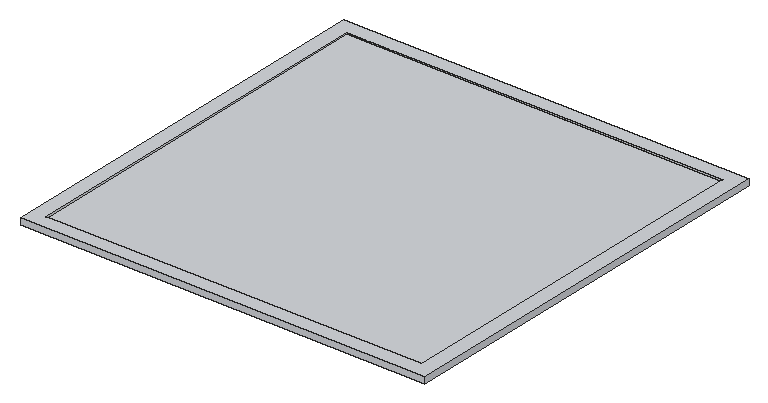
Revit family "595x595_START Panel Backlit UGR19 - Copy", category Lighting Fixtures, host Face, Revit 2017
Family settings
  Host = Face
  Round Connector Dimension = Use Diameter
  Part Type = Normal
  OmniClass Number = 23.80.70.00
  OmniClass Title = Lighting
  Cut with Voids When Loaded = No
  Light Source = Yes
  Shared = No
  Room Calculation Point = No
Parameters (values of type "0042184")
  Weight = "119.34 kg"
  Wattage Comments = ""
  Wattage = 36 W
  WarrantyStartDate [instance] = "n/a"
  WarrantyGuarantorParts = "n/a"
  WarrantyDurationUnit = "n/a"
  WarrantyDurationParts = "n/a"
  WarrantyDescription = "n/a"
  WIDTH_SYL = 297.5 mm
  built-in parameter 1150110 = 1 (stored number, unit not read)
  Voltage = 0 V
  URL = "http://www.sylvania-lighting.com"
  TypeName = "0042184 ST PANEL UGR19 600X600 3600LM 840 LILO"
  Type Image = <None>
  Type Comments = "n/a"
  built-in parameter 1114217 = 1 (stored number, unit not read)
  Tilt Angle = -90.00°
  built-in parameter 1150109 = 1 (stored number, unit not read)
  built-in parameter 1150134 = 12
  TOPWIDTH_SYL = 245 mm
  built-in parameter 1150113 = 1 (stored number, unit not read)
  SerialNumber [instance] = "n/a"
  Photometric Web File = "0042184.ies"
  Material_3_SYL = none
  PowerFactor = 0.9
  PowerConsumption = "36 W"
  NominalLength = 595 mm
  NominalHeight = 35 mm
  NominalDepth = 595 mm
  Name = "START Panel UGR19 600x600 3600Lm 840 LILO"
  ModelReference = Name  # "START Panel UGR19 600x600 3600Lm 840 LILO"
  ModelNumber = "0042184"
  Model = Name  # "START Panel UGR19 600x600 3600Lm 840 LILO"
  Material = "aluminium,steel housing, other diffuser"
  ManufacturerName = "Feilo Sylvania"
  Manufacturer = "Feilo Sylvania"
  MAINHEIGHT_SYL = 63 mm
  LuminousEfficacy = "100 lm/W"
  built-in parameter 1150105 = 286.48 (stored number, unit not read)
  Lumens = 3600 lm
  LuminaireType = ""
  built-in parameter 1150115 = 1 (stored number, unit not read)
  LightOutputRatio = ""
  built-in parameter 1150137 = (empty or 0)
  built-in parameter 1150139 = (empty or 0)
  LampsType = Lamp  # "LED"
  LampNominalLuminous = "3600 lm"
  LampMacAdamStep = "6"
  LampColourTemperature = "4000 K"
  LampColourRenderingIndex = "80"
  built-in parameter 1150112 = 1 (stored number, unit not read)
  built-in parameter 1150114 = 1 (stored number, unit not read)
  Lamp = "LED"
  LUMWIDTH_SYL = 276.5 mm
  LUMDEPTH_SYL = 276.5 mm
  Keynote = "16500"
  InstallationDate [instance] = "n/a"
  InputVoltage = ""
  InputNominalFrequency = ""
  built-in parameter 1150132 = (empty or 0)
  built-in parameter 1150102 = (empty or 0)
  built-in parameter 1150107 = 4000 (stored number, unit not read)
  built-in parameter 1150138 = (empty or 0)
  IngressProtection = "IP40/20"
  ImpactProtectionIndex = "IK03"
  built-in parameter 1150106 = 2.8648 (stored number, unit not read)
  IfcExportType = "IfcLightFixtureType"
  IfcExportAs = "IfcLightFixtureType"
  HEIGHT_SYL = 33 mm
  HEIGHTBOTT_SYL = 7 mm
  Emit from Circle Diameter = 609.6 mm
  Emit Shape Visible in Rendering = no
  ElectricShockClassification = "Class II"
  built-in parameter 1150104 = 9.2903 (stored number, unit not read)
  DocumentationLiterature = "http://www.sylvania-lighting.com/product/en-int/products/0042184"
  DimmingControlOptions = "n/a"
  Material_2_SYL = none
  Dimming Lamp Color Temperature Shift = <None>
  Description = ""
  Default Elevation = 1219.2 mm
  DEPTH_SYL = 297.5 mm
  CreatedOn = "7/3/2020"
  CreatedBy = "@sylvania-lighting.com"
  Cost = 0
  Color Filter = 16777215
  built-in parameter 1114216 [instance] = (empty or 0)
  ClassificationValue = "EF_70_80"
  ClassificationName = "Uniclass2015"
  Material_1_SYL = none
  BarCode [instance] = "n/a"
  built-in parameter 1114218 = 1 (stored number, unit not read)
  BOX_WIDTH_SYL = 40 mm
  built-in parameter 1150133 = 10 (stored number, unit not read)
  AssetType = "Fixed"
  AssetIdentifier [instance] = "n/a"
  Assembly Code = "D5020200"
  Apparent Load = 36 VA
  Material_4_SYL = none
  -LUMDEPTH_SYL = LUMDEPTH_SYL * (-1)  # -276.5 mm
Reference planes
  plane 1 "Center (Front/Back)": y = 0
  plane 2: z = 0
  plane 3 "Center (Left/Right)": x = 0
  plane 4: x = -297.5
  plane 5: x = 297.5
  plane 6: y = 297.5
  plane 7: y = -297.5
  plane 8: x = 276.5
  plane 9: x = -276.5
  plane 10: y = 276.5
  plane 11: y = -276.5
  plane 12: z = -33
  plane 13: z = -7
  plane 14: x = -245
  plane 15: x = 245
  plane 16: y = -245
  plane 17: y = 245
  plane 18: y = 276.5
  plane 19: y = -276.5
  plane 20: z = -63
  plane 21: x = -40
  plane 22: x = 40
Forms (mm)
  Extrusion 1, solid
    sketch origin (0, 0, 0) x (1, 0, 0) y (0, 1, 0)
      loop
        line (-297.5, 297.5) -> (-297.5, -297.5) -> (297.5, -297.5) -> (297.5, 297.5) -> (-297.5, 297.5)
    from -7 to 2
  Extrusion 2, void
    sketch origin (0, 0, 0) x (1, 0, 0) y (0, 1, 0)
      loop
        line (-276.5, 276.5) -> (-276.5, -276.5) -> (276.5, -276.5) -> (276.5, 276.5) -> (-276.5, 276.5)
    from 0 to 10
  Extrusion 3, solid
    sketch origin (0, 0, 0) x (1, 0, 0) y (0, 0, 1)
      loop
        line (-276.5, -7) -> (-245, -33) -> (245, -33) -> (276.5, -7) -> (-276.5, -7)
    from -276.5 <- "-LUMDEPTH_SYL" to 276.5 <- "LUMDEPTH_SYL"
  Extrusion 4, void
    sketch origin (319, 1524, 1219.2) x (0, 1, 0) y (0, 0, 1)
      loop
        line (-1279, -1252.2) -> (-1247.5, -1252.2) -> (-1247.5, -1226.2) -> (-1279, -1252.2)
      loop
        line (-1800.5, -1226.2) -> (-1800.5, -1252.2) -> (-1769, -1252.2) -> (-1800.5, -1226.2)
    from -1000 to 1000
  Extrusion 5, solid
    sketch origin (0, 0, 0) x (1, 0, 0) y (0, 0, 1)
      loop
        line (-40, -33) -> (-40, -63) -> (40, -63) -> (40, -33) -> (-40, -33)
    from -40 to 40
Cuts and joins
  Extrusion 2 cuts Extrusion 1
  Extrusion 4 cuts Extrusion 3
Dimensions and locks
  "WIDTH_SYL": plane 4 to plane 3 "Center (Left/Right)" to plane 5
  "DEPTH_SYL": plane 7 to plane 1 "Center (Front/Back)" to plane 6
  "LUMWIDTH_SYL": plane 9 to plane 3 "Center (Left/Right)" to plane 8
  "LUMDEPTH_SYL": plane 11 to plane 1 "Center (Front/Back)" to plane 10
  "HEIGHT_SYL": host face to plane 12
  "HEIGHTBOTT_SYL": host face to plane 13
  "TOPWIDTH_SYL": plane 14 to imposter light to plane 15
  "TOPWIDTH_SYL": plane 17 to imposter light to plane 16
  "LUMWIDTH_SYL": plane 18 to imposter light to plane 19
  "MAINHEIGHT_SYL": host face to plane 20
  "BOX_WIDTH_SYL": plane 21 to imposter light to plane 22
  Extrusion 5 sketch curve to Extrusion 5 sketch curve to plane 13 = 30 mm, 26 mm
  aligned and locked: plane 2 to host face
  aligned and locked: level to host face
  aligned and locked: plane 6 to Extrusion 1 sketch curve
  aligned and locked: plane 4 to Extrusion 1 sketch curve
  aligned and locked: Extrusion 1 sketch curve to plane 7
  aligned and locked: Extrusion 1 sketch curve to plane 5
  aligned and locked: plane 10 to Extrusion 2 sketch curve
  aligned and locked: Extrusion 2 sketch curve to plane 9
  aligned and locked: Extrusion 2 sketch curve to plane 11
  aligned and locked: plane 8 to Extrusion 2 sketch curve
  aligned and locked: Extrusion 5 sketch curve to plane 21
  aligned and locked: plane 22 to Extrusion 5 sketch curve
Automatic sketch dimensions
  host sketch curve to host sketch curve = 2438.4 mm  (x2)
  plane 9 to Extrusion 3 sketch curve = 0 mm
  Extrusion 3 sketch curve to plane 12 = 0 mm
  plane 14 to Extrusion 3 sketch curve = 0 mm
  plane 15 to Extrusion 3 sketch curve = 0 mm
  plane 8 to Extrusion 3 sketch curve = 0 mm
  Extrusion 3 sketch curve to plane 13 = 0 mm
  Extrusion 4 sketch curve to plane 11 = 0 mm
  plane 12 to Extrusion 4 sketch curve = 0 mm  (x2)
  Extrusion 4 sketch curve to plane 16 = 0 mm
  Extrusion 4 sketch curve to plane 17 = 0 mm
  Extrusion 4 sketch curve to plane 10 = 0 mm
  plane 13 to Extrusion 4 sketch curve = 0 mm  (x2)
